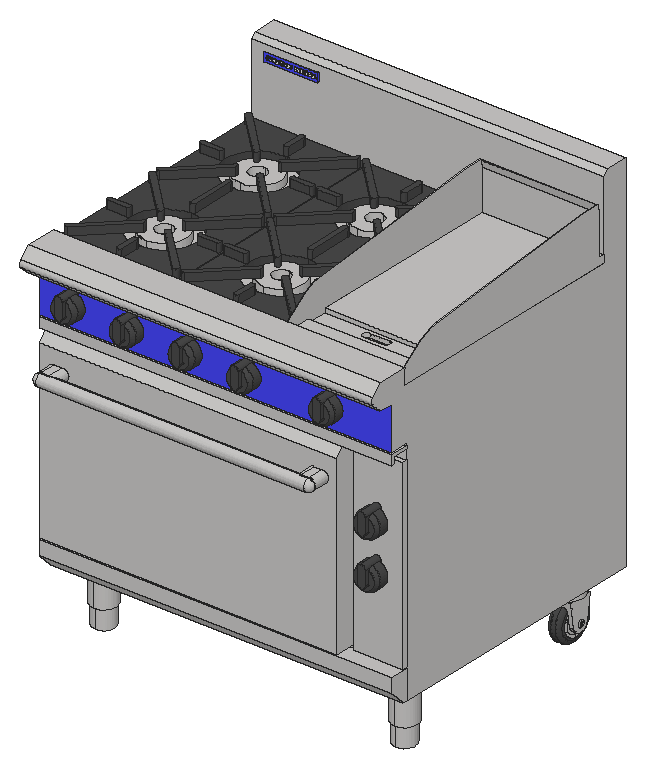
Revit family "QF_MOFFAT_BLUESEAL_CE_GE506C", category Specialty Equipment, Revit 2012 (continued)
Automatic sketch dimensions
  Extrusion 1 sketch curve to Extrusion 1 sketch curve = 25 mm
  plane 18 to Extrusion 1 sketch curve = 85 mm
  level to Extrusion 1 sketch curve = 150 mm
  Extrusion 1 sketch curve to Extrusion 1 sketch curve = 8.494 mm
  plane 21 to Extrusion 2 sketch curve = 44 mm
  plane 21 to Extrusion 2 sketch curve = 20 mm
  Extrusion 2 sketch curve to plane 21 = 6 mm
  level to Extrusion 2 sketch curve = 227.5 mm
  plane 18 to Extrusion 2 sketch curve = 21 mm
  plane 18 to Extrusion 2 sketch curve = 45 mm
  plane 21 to Extrusion 3 sketch curve = 9 mm
  Extrusion 3 sketch curve to plane 21 = 6 mm
  level to Extrusion 3 sketch curve = 227.5 mm
  plane 18 to Extrusion 3 sketch curve = 45 mm
  Revolve 4 sketch curve to level = 0 mm
  Revolve 4 sketch curve to plane 21 = 48.25 mm
  Revolve 4 sketch curve to Revolve 4 sketch curve = 4.25 mm
  Revolve 4 sketch curve to Revolve 4 sketch curve = 27.5 mm  (x2)
  level to Revolve 4 sketch curve = 50 mm
  Revolve 4 sketch curve to Revolve 4 sketch curve = 0 mm
  Revolve 4 sketch curve to Revolve 4 sketch curve = 100 mm
  Revolve 4 sketch curve to Revolve 4 sketch curve = 55 mm
  Revolve 5 sketch curve to level = 0 mm
  Revolve 5 sketch curve to plane 21 = 48.25 mm
  Revolve 5 sketch curve to Revolve 5 sketch curve = 4.25 mm
  Revolve 5 sketch curve to Revolve 5 sketch curve = 27.5 mm  (x2)
  Revolve 5 sketch curve to level = 55 mm
  Revolve 5 sketch curve to Revolve 5 sketch curve = 50 mm
  Revolve 5 sketch curve to Revolve 5 sketch curve = 0 mm
  Revolve 5 sketch curve to Revolve 5 sketch curve = 100 mm
  Extrusion 6 sketch curve to plane 17 = 0 mm
  Extrusion 6 sketch curve to plane 16 = 64.5 mm
  Revolve 7 sketch curve to plane 5 "FRONT" = 19 mm
  Revolve 7 sketch curve to Revolve 7 sketch curve = 0 mm  (x2)
  Revolve 7 sketch curve to Revolve 7 sketch curve = 11 mm
  Revolve 7 sketch curve to Revolve 7 sketch curve = 12.7 mm
  Revolve 7 sketch curve to Revolve 7 sketch curve = 23 mm
  Revolve 7 sketch curve to Revolve 7 sketch curve = 10 mm
  plane 18 to Revolve 7 sketch curve = 141.882 mm
  Revolve 7 sketch curve to Revolve 7 sketch curve = 5 mm
  Revolve 7 sketch curve to Revolve 7 sketch curve = 26.651 mm
  Revolve 7 sketch curve to Revolve 7 sketch curve = 5.849 mm
  Revolve 8 sketch curve to plane 5 "FRONT" = 19 mm
  Revolve 8 sketch curve to Revolve 8 sketch curve = 0 mm  (x2)
  Revolve 8 sketch curve to Revolve 8 sketch curve = 11 mm
  Revolve 8 sketch curve to Revolve 8 sketch curve = 12.7 mm
  Revolve 8 sketch curve to Revolve 8 sketch curve = 23 mm
  Revolve 8 sketch curve to Revolve 8 sketch curve = 10 mm
  Revolve 8 sketch curve to plane 6 "TOP" = 140.618 mm
  Revolve 8 sketch curve to Revolve 8 sketch curve = 5.849 mm
  Revolve 8 sketch curve to Revolve 8 sketch curve = 27.5 mm
  Revolve 8 sketch curve to Revolve 8 sketch curve = 5 mm
  Revolve 9 sketch curve to plane 5 "FRONT" = 19 mm
  Revolve 9 sketch curve to Revolve 9 sketch curve = 0 mm  (x2)
  Revolve 9 sketch curve to Revolve 9 sketch curve = 11 mm
  Revolve 9 sketch curve to Revolve 9 sketch curve = 12.7 mm
  Revolve 9 sketch curve to Revolve 9 sketch curve = 23 mm
  Revolve 9 sketch curve to Revolve 9 sketch curve = 10 mm
  Revolve 9 sketch curve to plane 6 "TOP" = 140.618 mm
  Revolve 9 sketch curve to Revolve 9 sketch curve = 5.849 mm
  Revolve 9 sketch curve to Revolve 9 sketch curve = 27.5 mm
  Revolve 9 sketch curve to Revolve 9 sketch curve = 5 mm
  Revolve 10 sketch curve to plane 5 "FRONT" = 19 mm
  Revolve 10 sketch curve to Revolve 10 sketch curve = 0 mm  (x2)
  Revolve 10 sketch curve to Revolve 10 sketch curve = 11 mm
  Revolve 10 sketch curve to Revolve 10 sketch curve = 12.7 mm
  Revolve 10 sketch curve to Revolve 10 sketch curve = 23 mm
  Revolve 10 sketch curve to Revolve 10 sketch curve = 10 mm
  Revolve 10 sketch curve to plane 6 "TOP" = 140.618 mm
  Revolve 10 sketch curve to Revolve 10 sketch curve = 5.849 mm
  Revolve 10 sketch curve to Revolve 10 sketch curve = 27.5 mm
  Revolve 10 sketch curve to Revolve 10 sketch curve = 5 mm
  plane 14 to Extrusion 11 sketch curve = 26.156 mm
  Extrusion 11 sketch curve to Extrusion 11 sketch curve = 10 mm
  Extrusion 11 sketch curve to plane 6 "TOP" = 146.118 mm
  Extrusion 11 sketch curve to Extrusion 11 sketch curve = 35 mm
  Extrusion 12 sketch curve to plane 9 = 29.844 mm
  Extrusion 12 sketch curve to Extrusion 12 sketch curve = 10 mm
  Extrusion 12 sketch curve to plane 6 "TOP" = 146.118 mm
  Extrusion 12 sketch curve to Extrusion 12 sketch curve = 35 mm
  Extrusion 13 sketch curve to plane 16 = 94.007 mm
  Extrusion 13 sketch curve to Extrusion 13 sketch curve = 10 mm
  plane 18 to Extrusion 13 sketch curve = 133.882 mm
  Extrusion 13 sketch curve to Extrusion 13 sketch curve = 35 mm
  Extrusion 14 sketch curve to plane 7 "Center Y" = 49.868 mm
  Extrusion 14 sketch curve to Extrusion 14 sketch curve = 10 mm
  Extrusion 14 sketch curve to plane 6 "TOP" = 146.118 mm
  Extrusion 14 sketch curve to Extrusion 14 sketch curve = 35 mm
  plane 7 "Center Y" to Extrusion 15 sketch curve = 100.132 mm
  Extrusion 15 sketch curve to Extrusion 15 sketch curve = 10 mm
  Extrusion 15 sketch curve to plane 6 "TOP" = 146.118 mm
  Extrusion 15 sketch curve to Extrusion 15 sketch curve = 35 mm
  plane 21 to Revolve 16 sketch curve = 53 mm
  Revolve 16 sketch curve to Revolve 16 sketch curve = 0 mm  (x2)
  Revolve 16 sketch curve to Revolve 16 sketch curve = 11 mm
  Revolve 16 sketch curve to Revolve 16 sketch curve = 12.7 mm
  plane 21 to Revolve 16 sketch curve = 19 mm
  plane 21 to Revolve 16 sketch curve = 9 mm
  Revolve 16 sketch curve to plane 18 = 103.743 mm
  Revolve 16 sketch curve to Revolve 16 sketch curve = 5 mm
  Revolve 16 sketch curve to Revolve 16 sketch curve = 26.651 mm
  Revolve 16 sketch curve to Revolve 16 sketch curve = 5.849 mm
  Extrusion 17 sketch curve to plane 16 = 7.156 mm
  plane 16 to Extrusion 17 sketch curve = 2.844 mm
  Extrusion 17 sketch curve to plane 18 = 111.743 mm
  Extrusion 17 sketch curve to Extrusion 17 sketch curve = 35 mm
  plane 21 to Extrusion 18 sketch curve = 44 mm
  level to Extrusion 18 sketch curve = 227.5 mm
  plane 5 "FRONT" to Extrusion 18 sketch curve = 406.847 mm
  plane 1 "BACK" to Extrusion 19 sketch curve = 0 mm
  Extrusion 19 sketch curve to plane 17 = 7 mm
  Extrusion 19 sketch curve to plane 16 = 140.5 mm
  plane 19 to Extrusion 19 sketch curve = 13 mm
  Extrusion 19 sketch curve to Extrusion 19 sketch curve = 50 mm
  Extrusion 19 sketch curve to plane 16 = 10.5 mm
  Revolve 20 sketch curve to plane 5 "FRONT" = 19 mm
  Revolve 20 sketch curve to Revolve 20 sketch curve = 0 mm  (x2)
  Revolve 20 sketch curve to Revolve 20 sketch curve = 11 mm
  Revolve 20 sketch curve to Revolve 20 sketch curve = 12.7 mm
  Revolve 20 sketch curve to Revolve 20 sketch curve = 23 mm
  Revolve 20 sketch curve to Revolve 20 sketch curve = 10 mm
  Revolve 20 sketch curve to plane 6 "TOP" = 140.618 mm
  Revolve 20 sketch curve to Revolve 20 sketch curve = 5.849 mm
  Revolve 20 sketch curve to Revolve 20 sketch curve = 27.5 mm
  Revolve 20 sketch curve to Revolve 20 sketch curve = 5 mm
  Extrusion 21 sketch curve to plane 11 = 1.472 mm
  Extrusion 21 sketch curve to plane 18 = 46.875 mm  (x2)
  Extrusion 21 sketch curve to Extrusion 21 sketch curve = 15 mm  (x2)
  Extrusion 21 sketch curve to plane 16 = 131.743 mm
  Extrusion 21 sketch curve to Extrusion 21 sketch curve = 20.282 mm  (x2)
  Revolve 22 sketch curve to plane 3 "LEFT" = 6.961 mm
  plane 3 "LEFT" to Revolve 22 sketch curve = 23.246 mm
  Revolve 22 sketch curve to plane 18 = 16.875 mm
  Revolve 22 sketch curve to Revolve 22 sketch curve = 15 mm
  Revolve 22 sketch curve to plane 18 = 31.875 mm
  plane 7 "Center Y" to Revolve 22 sketch curve = 138.039 mm
  Revolve 22 sketch curve to plane 16 = 111.461 mm
  plane 21 to Extrusion 23 sketch curve = 44 mm
  Extrusion 23 sketch curve to Extrusion 23 sketch curve = 6.387 mm
  Extrusion 23 sketch curve to Extrusion 23 sketch curve = 8.776 mm
  Extrusion 23 sketch curve to plane 21 = 4.07 mm
  plane 18 to Extrusion 23 sketch curve = 55 mm
  Extrusion 23 sketch curve to Extrusion 23 sketch curve = 16.999 mm
  Extrusion 23 sketch curve to Extrusion 23 sketch curve = 7.004 mm
  plane 21 to Extrusion 24 sketch curve = 44 mm
  plane 21 to Extrusion 24 sketch curve = 8 mm
  Extrusion 24 sketch curve to plane 21 = 6 mm
  level to Extrusion 24 sketch curve = 150 mm
  Extrusion 24 sketch curve to Extrusion 24 sketch curve = 36 mm
  Extrusion 24 sketch curve to Extrusion 24 sketch curve = 36.5 mm
  Extrusion 25 sketch curve to plane 19 = 0 mm
  Extrusion 25 sketch curve to plane 19 = 19.393 mm
  Extrusion 25 sketch curve to plane 19 = 31.75 mm
  plane 19 to Extrusion 25 sketch curve = 19.393 mm
  plane 19 to Extrusion 25 sketch curve = 31.75 mm
  level to Extrusion 25 sketch curve = 45.111 mm
  Extrusion 25 sketch curve to Extrusion 25 sketch curve = 4.889 mm
  Extrusion 25 sketch curve to Extrusion 25 sketch curve = 64.889 mm
  Revolve 26 sketch curve to plane 19 = 0 mm  (x2)
  Revolve 26 sketch curve to plane 19 = 35.75 mm
  Revolve 26 sketch curve to level = 55 mm
  level to Revolve 26 sketch curve = 50 mm
  Revolve 26 sketch curve to Revolve 26 sketch curve = 60 mm
  Revolve 26 sketch curve to Revolve 26 sketch curve = 40 mm
  Revolve 27 sketch curve to plane 19 = 0 mm  (x2)
  Revolve 27 sketch curve to plane 19 = 35.75 mm
  level to Revolve 27 sketch curve = 150 mm
  Revolve 27 sketch curve to Revolve 27 sketch curve = 40 mm
  level to Revolve 27 sketch curve = 50 mm
  Revolve 27 sketch curve to level = 55 mm
  Revolve 28 sketch curve to plane 16 = 34.382 mm
  Revolve 28 sketch curve to Revolve 28 sketch curve = 1.27 mm  (x4)
  Revolve 28 sketch curve to Revolve 28 sketch curve = 1.524 mm  (x2)
  Revolve 28 sketch curve to Revolve 28 sketch curve = 12.146 mm  (x2)
  Revolve 28 sketch curve to plane 16 = 16.68 mm
  Revolve 28 sketch curve to Revolve 28 sketch curve = 0.794 mm  (x2)
  Revolve 28 sketch curve to Revolve 28 sketch curve = 3.57 mm
  Revolve 28 sketch curve to Revolve 28 sketch curve = 2.143 mm
  Revolve 28 sketch curve to plane 16 = 6.361 mm
  plane 16 to Revolve 28 sketch curve = 5.13 mm
  plane 16 to Revolve 28 sketch curve = 6.339 mm
  plane 16 to Revolve 28 sketch curve = 14.515 mm
  Revolve 28 sketch curve to Revolve 28 sketch curve = 1.349 mm  (x2)
  Revolve 28 sketch curve to Revolve 28 sketch curve = 3.556 mm
  Revolve 28 sketch curve to plane 4 "RIGHT" = 2.18 mm
  level to Revolve 28 sketch curve = 50.8 mm
  Revolve 28 sketch curve to Revolve 28 sketch curve = 0 mm
  Revolve 28 sketch curve to Revolve 28 sketch curve = 3.505 mm  (x2)
  Revolve 28 sketch curve to Revolve 28 sketch curve = 3.447 mm  (x2)
  Revolve 28 sketch curve to Revolve 28 sketch curve = 9.964 mm
  Revolve 28 sketch curve to Revolve 28 sketch curve = 10.045 mm
  Revolve 28 sketch curve to Revolve 28 sketch curve = 2.053 mm
  Revolve 28 sketch curve to Revolve 28 sketch curve = 2.061 mm
  Revolve 28 sketch curve to Revolve 28 sketch curve = 8.247 mm
  Revolve 28 sketch curve to Revolve 28 sketch curve = 8.336 mm
  Revolve 28 sketch curve to Revolve 28 sketch curve = 6.35 mm  (x2)
  Extrusion 29 sketch curve to plane 19 = 0 mm
  Extrusion 29 sketch curve to plane 19 = 19.393 mm
  Extrusion 29 sketch curve to plane 19 = 31.75 mm
  plane 19 to Extrusion 29 sketch curve = 19.393 mm
  plane 19 to Extrusion 29 sketch curve = 31.75 mm
  level to Extrusion 29 sketch curve = 45.111 mm
  Extrusion 29 sketch curve to Extrusion 29 sketch curve = 4.889 mm
  Extrusion 29 sketch curve to Extrusion 29 sketch curve = 64.889 mm
  Revolve 30 sketch curve to level = 0 mm
  Revolve 30 sketch curve to plane 19 = 0 mm  (x2)
  Revolve 30 sketch curve to Revolve 30 sketch curve = 27.5 mm
  Revolve 30 sketch curve to Revolve 30 sketch curve = 31.75 mm
  Revolve 30 sketch curve to level = 55 mm
  Revolve 30 sketch curve to Revolve 30 sketch curve = 50 mm
  Revolve 30 sketch curve to Revolve 30 sketch curve = 0 mm
  Revolve 30 sketch curve to Revolve 30 sketch curve = 100 mm
  Revolve 31 sketch curve to level = 0 mm
  Revolve 31 sketch curve to plane 19 = 0 mm  (x2)
  Revolve 31 sketch curve to Revolve 31 sketch curve = 27.5 mm
  Revolve 31 sketch curve to Revolve 31 sketch curve = 31.75 mm
  level to Revolve 31 sketch curve = 50 mm
  Revolve 31 sketch curve to Revolve 31 sketch curve = 0 mm
  Revolve 31 sketch curve to Revolve 31 sketch curve = 100 mm
  Revolve 31 sketch curve to Revolve 31 sketch curve = 55 mm
  plane 14 to Revolve 32 sketch curve = 25.382 mm
  Revolve 32 sketch curve to Revolve 32 sketch curve = 1.27 mm  (x4)
  Revolve 32 sketch curve to Revolve 32 sketch curve = 1.524 mm  (x2)
  plane 14 to Revolve 32 sketch curve = 10.442 mm
  plane 14 to Revolve 32 sketch curve = 7.68 mm
  Revolve 32 sketch curve to Revolve 32 sketch curve = 0.794 mm  (x2)
  Revolve 32 sketch curve to Revolve 32 sketch curve = 3.57 mm
  Revolve 32 sketch curve to Revolve 32 sketch curve = 2.143 mm
  Revolve 32 sketch curve to plane 14 = 2.639 mm
  Revolve 32 sketch curve to plane 11 = 0.13 mm
  Revolve 32 sketch curve to plane 11 = 1.339 mm
  Revolve 32 sketch curve to plane 11 = 9.515 mm
  Revolve 32 sketch curve to Revolve 32 sketch curve = 1.349 mm  (x2)
  Revolve 32 sketch curve to Revolve 32 sketch curve = 3.556 mm
  Revolve 32 sketch curve to Revolve 32 sketch curve = 12.146 mm
  Revolve 32 sketch curve to plane 3 "LEFT" = 2.68 mm
  level to Revolve 32 sketch curve = 101.6 mm
  Revolve 32 sketch curve to Revolve 32 sketch curve = 6.35 mm  (x4)
  Revolve 32 sketch curve to Revolve 32 sketch curve = 8.247 mm
  Revolve 32 sketch curve to Revolve 32 sketch curve = 8.336 mm
  Revolve 32 sketch curve to Revolve 32 sketch curve = 2.061 mm
  Revolve 32 sketch curve to Revolve 32 sketch curve = 2.053 mm
  Revolve 32 sketch curve to Revolve 32 sketch curve = 10.045 mm
  Revolve 32 sketch curve to Revolve 32 sketch curve = 9.964 mm
  Revolve 32 sketch curve to Revolve 32 sketch curve = 3.447 mm  (x2)
  Revolve 32 sketch curve to Revolve 32 sketch curve = 3.505 mm
  plane 21 to Extrusion 33 sketch curve = 0 mm
  Extrusion 33 sketch curve to plane 21 = 3 mm  (x2)
  plane 10 to Extrusion 33 sketch curve = 36.504 mm
  plane 12 to Extrusion 33 sketch curve = 67.472 mm
  plane 19 to Extrusion 33 sketch curve = 26 mm  (x2)
  Extrusion 33 sketch curve to Extrusion 33 sketch curve = 3 mm
  plane 14 to Extrusion 33 sketch curve = 76 mm  (x2)
  plane 9 to Extrusion 33 sketch curve = 17 mm
  Extrusion 34 sketch curve to Extrusion 33 = 19.102 mm  (x4)
  Extrusion 34 sketch curve to Extrusion 34 sketch curve = 4.525 mm  (x32)
  Extrusion 34 sketch curve to Extrusion 33 = 27.593 mm  (x2)
  Extrusion 34 sketch curve to Extrusion 34 sketch curve = 48.456 mm  (x10)
  Extrusion 34 sketch curve to Extrusion 34 sketch curve = 50.976 mm  (x2)
  Extrusion 34 sketch curve to Extrusion 34 sketch curve = 0 mm  (x11)
  Extrusion 34 sketch curve to Extrusion 33 = 9.908 mm  (x2)
  Extrusion 34 sketch curve to Extrusion 34 sketch curve = 27.39 mm  (x3)
  Extrusion 34 sketch curve to Extrusion 34 sketch curve = 6.4 mm  (x14)
  Extrusion 34 sketch curve to Extrusion 34 sketch curve = 20.658 mm  (x4)
  Extrusion 34 sketch curve to Extrusion 34 sketch curve = 55.923 mm  (x2)
  Extrusion 34 sketch curve to Extrusion 33 = 5.102 mm  (x4)
  Extrusion 34 sketch curve to Extrusion 34 sketch curve = 128.581 mm  (x3)
  Extrusion 34 sketch curve to Extrusion 33 = 6.102 mm  (x2)
  Extrusion 33 to Extrusion 34 sketch curve = 6.102 mm  (x3)
  Extrusion 33 to Extrusion 34 sketch curve = 15.153 mm
  Extrusion 34 sketch curve to Extrusion 34 sketch curve = 12.205 mm  (x4)
  Extrusion 34 sketch curve to Extrusion 33 = 15.153 mm  (x2)
  Extrusion 34 sketch curve to Extrusion 34 sketch curve = 112.454 mm  (x2)
  Extrusion 34 sketch curve to Extrusion 34 sketch curve = 59.673 mm  (x2)
  Extrusion 34 sketch curve to Extrusion 34 sketch curve = 17.024 mm  (x3)
  Extrusion 34 sketch curve to Extrusion 34 sketch curve = 46.847 mm  (x4)
  Extrusion 34 sketch curve to Extrusion 34 sketch curve = 62.169 mm  (x2)
  Extrusion 34 sketch curve to Extrusion 33 = 36.153 mm  (x3)
  Extrusion 34 sketch curve to Extrusion 33 = 23.4 mm  (x2)
  Extrusion 34 sketch curve to Extrusion 33 = 9.156 mm  (x2)
  Extrusion 34 sketch curve to Extrusion 34 sketch curve = 55.413 mm  (x5)
  Extrusion 34 sketch curve to Extrusion 34 sketch curve = 20.524 mm  (x6)
  Extrusion 34 sketch curve to Extrusion 34 sketch curve = 53.847 mm  (x8)
  Extrusion 33 to Extrusion 34 sketch curve = 9.908 mm  (x2)
  Extrusion 34 sketch curve to Extrusion 34 sketch curve = 55.661 mm  (x3)
  Extrusion 34 sketch curve to Extrusion 34 sketch curve = 128.447 mm  (x3)
  Extrusion 35 sketch curve to Extrusion 35 sketch curve = 0 mm  (x8)
  Extrusion 35 sketch curve to plane 7 "Center Y" = 0 mm  (x2)
  plane 12 to Extrusion 35 sketch curve = 67.472 mm  (x2)
  plane 10 to Extrusion 35 sketch curve = 36.772 mm  (x2)
  plane 14 to Extrusion 35 sketch curve = 76 mm  (x2)
  curve 23 to curve 24 = 0 mm  (x2)
  curve 23 to curve 27 = 0 mm  (x2)
  curve 23 to curve 28 = 0 mm  (x2)
  curve 24 to curve 27 = 0 mm  (x2)
  curve 24 to curve 28 = 0 mm  (x2)
  curve 25 to curve 26 = 0 mm  (x2)
  curve 27 to curve 28 = 0 mm  (x2)
  curve 37 to curve 38 = 0 mm  (x2)
  curve 37 to curve 39 = 0 mm  (x2)
  curve 37 to curve 40 = 0 mm  (x2)
  curve 37 to curve 41 = 0 mm  (x2)
  curve 37 to curve 42 = 0 mm  (x2)
  curve 38 to curve 39 = 0 mm  (x2)
  curve 38 to curve 40 = 0 mm  (x2)
  curve 38 to curve 41 = 0 mm  (x2)
  curve 38 to curve 42 = 0 mm  (x2)
  curve 39 to curve 40 = 0 mm  (x2)
  curve 39 to curve 41 = 0 mm  (x2)
  curve 39 to curve 42 = 0 mm  (x2)
  curve 40 to curve 41 = 0 mm  (x2)
  curve 40 to curve 42 = 0 mm  (x2)
  curve 41 to curve 42 = 0 mm  (x2)
  curve 45 to curve 46 = 0 mm  (x2)
  curve 45 to curve 47 = 0 mm  (x2)
  curve 45 to curve 48 = 0 mm  (x2)
  curve 46 to curve 47 = 0 mm  (x2)
  curve 46 to curve 48 = 0 mm  (x2)
  curve 47 to curve 48 = 0 mm  (x2)
  curve 49 to curve 50 = 0 mm  (x2)
  curve 51 to curve 52 = 0 mm  (x2)
  curve 51 to curve 53 = 0 mm  (x2)
  curve 51 to curve 54 = 0 mm  (x2)
  curve 51 to curve 55 = 0 mm  (x2)
  curve 51 to curve 56 = 0 mm  (x2)
  curve 52 to curve 53 = 0 mm  (x2)
  curve 52 to curve 54 = 0 mm  (x2)
  curve 52 to curve 55 = 0 mm  (x2)
  curve 52 to curve 56 = 0 mm  (x2)
  curve 53 to curve 54 = 0 mm  (x2)
  curve 53 to curve 55 = 0 mm  (x2)
  curve 53 to curve 56 = 0 mm  (x2)
  curve 54 to curve 55 = 0 mm  (x2)
  curve 54 to curve 56 = 0 mm  (x2)
  curve 55 to curve 56 = 0 mm  (x2)
  curve 45 to plane 7 "Center Y" = 0 mm
  curve 56 to plane 7 "Center Y" = 0 mm
  curve 50 to plane 7 "Center Y" = 0 mm
  plane 12 to curve 42 = 45.472 mm
  plane 14 to curve 42 = 76 mm
  plane 14 to curve 28 = 76 mm
  curve 26 to curve 23 = 0 mm
  plane 12 to curve 55 = 45.472 mm
  curve 39 to curve 41 = 22 mm
  curve 53 to curve 55 = 22 mm
  curve 53 to curve 55 = 35 mm
  curve 39 to curve 41 = 35 mm
  curve 38 to curve 39 = 28 mm
  curve 52 to curve 53 = 28 mm
  curve 49 to plane 8 "Center X" = 46.768 mm
  curve 26 to plane 8 "Center X" = 46.768 mm
  curve 49 to curve 46 = 27.732 mm
  curve 25 to curve 23 = 27.732 mm
  curve 23 to curve 27 = 35 mm
  curve 45 to curve 47 = 35 mm
  curve 27 to curve 24 = 22 mm
  curve 47 to curve 47 = 22 mm
  curve 23 to curve 25 = 0.268 mm
  curve 45 to curve 49 = 0.268 mm
  Extrusion 36 sketch curve to plane 7 "Center Y" = 0 mm  (x2)
  plane 21 to Extrusion 36 sketch curve = 0 mm
  Extrusion 36 sketch curve to plane 21 = 3 mm  (x2)
  plane 10 to Extrusion 36 sketch curve = 36.504 mm
  plane 12 to Extrusion 36 sketch curve = 67.472 mm
  plane 19 to Extrusion 36 sketch curve = 26 mm  (x2)
  Extrusion 36 sketch curve to Extrusion 36 sketch curve = 3 mm
  plane 9 to Extrusion 36 sketch curve = 23 mm
  Split face 1 sketch curve to cut or joined group of Extrusion 1, Extrusion 19 = 27.115 mm
  Split face 1 sketch curve to cut or joined group of Extrusion 1, Extrusion 19 = 273.455 mm
  Split face 1 sketch curve to Split face 1 sketch curve = 4.041 mm  (x4)
  Split face 1 sketch curve to Split face 1 sketch curve = 8.66 mm  (x2)
  Split face 1 sketch curve to cut or joined group of Extrusion 1, Extrusion 19 = 12.115 mm
  Split face 1 sketch curve to cut or joined group of Extrusion 1, Extrusion 19 = 36.836 mm
  Split face 1 sketch curve to Split face 1 sketch curve = 7 mm  (x3)
  Split face 1 sketch curve to Split face 1 sketch curve = 17 mm
  Split face 2 sketch curve to cut or joined group of Extrusion 1, Extrusion 19 = 27.115 mm
  Split face 2 sketch curve to cut or joined group of Extrusion 1, Extrusion 19 = 326.545 mm
  Split face 2 sketch curve to Split face 2 sketch curve = 4.041 mm  (x4)
  Split face 2 sketch curve to Split face 2 sketch curve = 8.66 mm  (x2)
  Split face 2 sketch curve to cut or joined group of Extrusion 1, Extrusion 19 = 12.115 mm
  Split face 2 sketch curve to Split face 2 sketch curve = 223.917 mm
  Split face 2 sketch curve to Split face 2 sketch curve = 7 mm  (x3)
  Split face 2 sketch curve to Split face 2 sketch curve = 17 mm
  Split face 3 sketch curve to cut or joined group of Extrusion 1, Extrusion 19 = 26.545 mm
  Split face 3 sketch curve to Split face 3 sketch curve = 4.041 mm  (x4)
  Split face 3 sketch curve to Split face 3 sketch curve = 8.66 mm  (x2)
  Split face 3 sketch curve to cut or joined group of Extrusion 1, Extrusion 19 = 22.115 mm
  Split face 3 sketch curve to Split face 3 sketch curve = 223.917 mm
  Split face 3 sketch curve to cut or joined group of Extrusion 1, Extrusion 19 = 17.115 mm
  Split face 3 sketch curve to Split face 3 sketch curve = 10 mm
  Split face 3 sketch curve to Split face 3 sketch curve = 7 mm  (x3)
  plane 21 to Revolve 38 sketch curve = 53 mm
  Revolve 38 sketch curve to Revolve 38 sketch curve = 0 mm  (x2)
  Revolve 38 sketch curve to Revolve 38 sketch curve = 11 mm
  Revolve 38 sketch curve to Revolve 38 sketch curve = 12.7 mm
  plane 21 to Revolve 38 sketch curve = 19 mm
  plane 21 to Revolve 38 sketch curve = 9 mm
  Revolve 38 sketch curve to plane 18 = 223.743 mm
  Revolve 38 sketch curve to Revolve 38 sketch curve = 5 mm
  Revolve 38 sketch curve to Revolve 38 sketch curve = 26.651 mm
  Revolve 38 sketch curve to Revolve 38 sketch curve = 5.849 mm
  Extrusion 39 sketch curve to plane 16 = 7.156 mm
  plane 16 to Extrusion 39 sketch curve = 2.844 mm
  Extrusion 39 sketch curve to plane 18 = 231.743 mm
  Extrusion 39 sketch curve to Extrusion 39 sketch curve = 35 mm
  radius of Extrusion 6 sketch curve = 10 mm
  radius of Extrusion 33 sketch curve = 85 mm  (x2)
  radius of Extrusion 35 sketch curve = 57 mm  (x4)
  radius of Extrusion 35 sketch curve = 22 mm  (x4)
  radius of Extrusion 36 sketch curve = 85 mm  (x2)
  radius of Extrusion 37 sketch curve = 6.35 mm
Nested families
  nested 1: "WALDORF LOGO_FACE BASE" at (32, -70, 1056.385) x (1, 0, 0) z (0, -1, 0), visible <- "Show Logo", type "WALDORF LOGO_FACE BASE", detail levels medium+fine
    with Show Logo yes
  nested 2: "GAS GRIDDLE PLATE 300" at (600, -85, 875), type "GAS GRIDDLE PLATE 300"
    with Width 300 mm, Type Mark "", Status "", Specification by User "", Revision Code "", Item Number "", Installed By "", Identify Quantity as Lot yes, Furnished By "", Foodservice Equipment Identifier yes, Depth 620 mm
Connectors
  piping at (770, -32, 655)
    settings: on Extrusion 6, index 4, connector radius 0.37402", flow factor 0, pipe flow 0 GPM, pressure drop 0.00 psi, fitting loss kfactor 0, connector angle 0.00°, fixture units 0, engagement length 0 mm, flow configuration 1, flow direction 1, fitting loss method 0, system type 7, joint type 0, gender type 0, connector reference index -1, connector utility 0, adjustable connector no, is connector primary yes, fitting loss table "", connector description "GAS CONNECTION"
  electrical at (826, -501, 147.817), driven by "Volts", driven by "Watts"
    settings: on Extrusion 37, index 5, voltage 400 V, apparent load 6500 VA, apparent load phase1 0 VA, apparent load phase2 0 VA, apparent load phase3 0 VA, power factor 1, load classification "Other", number of poles 1, system type 30, power factor state 1, is connector primary yes, connector utility no, sub classification motor no, connector description "ELECTRICAL CONNECTION"
Definition of nested family "WALDORF LOGO_FACE BASE"
  Parameters (values of type "WALDORF LOGO_FACE BASE")
    Show Logo [instance] = yes
    Default Elevation = 1219.2 mm
  Reference planes
    plane 1 "Center (Front/Back)": y = 0
    plane 2: z = 0
    plane 3 "Center (Left/Right)": x = 0
  Forms (mm)
    Extrusion 1, solid
      sketch origin (0, 0, 0) x (1, 0, 0) y (0, 1, 0)
        loop
          line (-1219.2, 1219.2) -> (-1219.2, -1219.2) -> (1219.2, -1219.2) -> (1219.2, 1219.2) -> (-1219.2, 1219.2)
      from 0 to -304.8
    Extrusion 2, solid, material "QF_Finishes_Blue", visible <- "Show Logo"
      sketch origin (0, -33.217, 0) x (1, 0, 0) y (0, 1, 0)
        loop
          arc (138, 31.942) -> (137.626, 32.844) -> (136.724, 33.217) r 1.276
          line (136.724, 33.217) -> (1.29, 33.217)
          arc (1.29, 33.217) -> (0.378, 32.839) -> (0, 31.927) r 1.29
          line (0, 31.927) -> (0, 11.507)
          arc (0, 11.507) -> (0.378, 10.595) -> (1.29, 10.217) r 1.29
          line (1.29, 10.217) -> (136.71, 10.217)
          arc (136.71, 10.217) -> (137.622, 10.595) -> (138, 11.507) r 1.29
          line (138, 11.507) -> (138, 31.942)
      from 0 to 1.588
    Extrusion 3, solid, material "QF_Finishes_White", visible <- "Show Logo"
      sketch origin (0, -33.217, 1.588) x (1, 0, 0) y (0, 1, 0)
        loop
          arc (108.946, 25.919) -> (107.613, 25.367) -> (107.061, 24.034) r 1.885
          line (107.061, 24.034) -> (107.061, 17.211) -> (112.704, 17.211) -> (112.704, 19.129) -> (115.546, 19.129) -> (115.546, 17.211) -> (121.584, 17.211) -> (121.584, 24.075)
          arc (121.584, 24.075) -> (121.043, 25.379) -> (119.739, 25.919) r 1.845
          line (119.739, 25.919) -> (108.946, 25.919)
        loop
          line (123.478, 25.919) -> (123.478, 17.163) -> (134.904, 17.163) -> (134.904, 19.129) -> (129.246, 19.129) -> (129.246, 25.919) -> (123.478, 25.919)
        loop
          line (112.704, 21.258) -> (115.546, 21.258) -> (115.546, 22.702)
          arc (115.546, 22.702) -> (115.344, 23.188) -> (114.858, 23.389) r 0.687
          line (114.858, 23.389) -> (113.363, 23.389)
          arc (113.363, 23.389) -> (112.897, 23.196) -> (112.704, 22.73) r 0.658
          line (112.704, 22.73) -> (112.704, 21.258)
        loop
          line (105.071, 25.919) -> (93.771, 25.919) -> (93.771, 17.163) -> (105.071, 17.163) -> (105.071, 19.063) -> (99.535, 19.063) -> (99.535, 20.437) -> (105.071, 20.437) -> (105.071, 22.278) -> (99.535, 22.278) -> (99.535, 23.587) -> (105.071, 23.587) -> (105.071, 25.919)
        loop
          line (91.104, 25.919) -> (79.541, 25.919)
          arc (79.541, 25.919) -> (78.558, 25.513) -> (78.152, 24.53) r 1.389
          line (78.152, 24.53) -> (78.152, 22.08)
          arc (78.152, 22.08) -> (78.558, 21.098) -> (79.541, 20.691) r 1.389
          line (79.541, 20.691) -> (86.346, 20.691) -> (86.346, 18.864) -> (83.266, 18.864) -> (83.266, 19.664) -> (78.152, 19.664) -> (78.152, 18.553)
          arc (78.152, 18.553) -> (78.558, 17.57) -> (79.541, 17.163) r 1.389
          line (79.541, 17.163) -> (91.063, 17.163)
          arc (91.063, 17.163) -> (92.045, 17.57) -> (92.452, 18.553) r 1.389
          line (92.452, 18.553) -> (92.452, 20.691)
          arc (92.452, 20.691) -> (92.045, 21.673) -> (91.063, 22.08) r 1.389
          line (91.063, 22.08) -> (83.266, 22.08) -> (83.266, 23.984) -> (86.346, 23.984) -> (86.346, 22.743) -> (92.452, 22.743) -> (92.452, 24.571)
          arc (92.452, 24.571) -> (92.057, 25.524) -> (91.104, 25.919) r 1.348
        loop
          line (70.705, 25.919) -> (59.405, 25.919) -> (59.405, 17.163) -> (70.705, 17.163) -> (70.705, 19.063) -> (65.169, 19.063) -> (65.169, 20.437) -> (70.705, 20.437) -> (70.705, 22.278) -> (65.169, 22.278) -> (65.169, 23.587) -> (70.705, 23.587) -> (70.705, 25.919)
        loop
          line (57.598, 25.919) -> (51.7, 25.919) -> (51.7, 20.18)
          arc (51.7, 20.18) -> (50.63, 19.11) -> (49.56, 20.18) r 1.07
          line (49.56, 20.18) -> (49.56, 25.919) -> (43.663, 25.919) -> (43.663, 19.049)
          arc (43.663, 19.049) -> (44.215, 17.716) -> (45.548, 17.163) r 1.885
          line (45.548, 17.163) -> (55.71, 17.163)
          arc (55.71, 17.163) -> (57.045, 17.716) -> (57.598, 19.051) r 1.887
          line (57.598, 19.051) -> (57.598, 25.919)
        loop
          line (31.62, 25.919) -> (31.62, 17.163) -> (43.046, 17.163) -> (43.046, 19.129) -> (37.388, 19.129) -> (37.388, 25.919) -> (31.62, 25.919)
        loop
          line (15.969, 25.919) -> (15.969, 17.163) -> (28.693, 17.163)
          arc (28.693, 17.163) -> (29.812, 17.627) -> (30.276, 18.746) r 1.582
          line (30.276, 18.746) -> (30.276, 20.447) -> (29.48, 21.243) -> (30.276, 22.039) -> (30.276, 24.332)
          arc (30.276, 24.332) -> (29.811, 25.454) -> (28.688, 25.919) r 1.587
          line (28.688, 25.919) -> (15.969, 25.919)
        loop
          line (21.449, 24.159) -> (21.449, 22.436) -> (23.862, 22.436)
          arc (23.862, 22.436) -> (24.723, 23.298) -> (23.862, 24.159) r 0.861
          line (23.862, 24.159) -> (21.449, 24.159)
        loop
          line (21.449, 20.244) -> (21.449, 18.522) -> (23.862, 18.522)
          arc (23.862, 18.522) -> (24.723, 19.383) -> (23.862, 20.244) r 0.861
          line (23.862, 20.244) -> (21.449, 20.244)
      from 0 to 0.2
    Extrusion 4, solid, material "QF_Finishes_Blue", visible <- "Show Logo"
      sketch origin (-126.498, -31.09, 1.588) x (1, 0, 0) y (0, 1, 0)
        loop
          line (136.738, 23.522) -> (136.738, 15.1)
          arc (136.738, 15.1) -> (140.756, 19.311) -> (136.738, 23.522) r 4.216
      from 0 to 0.2
    Extrusion 5, solid, material "QF_Finishes_Red", visible <- "Show Logo"
      sketch origin (146.849, -31.09, 1.588) x (-1, 0, 0) y (0, -1, 0)
        loop
          arc (136.738, -23.522) -> (140.756, -19.311) -> (136.738, -15.1) r 4.216
          line (136.738, -15.1) -> (136.738, -23.522)
      from 0 to 0.2
  Lines and regions (mm)
    Split face 1
      outline origin (-90.35, -30.793, 1.588) x (1, 0, 0) y (0, 1, 0)
        loop
          circle (100.54, 19.013) r 4.536
  Dimensions and locks
    aligned and locked: plane 2 to Extrusion 1
    aligned and locked: level to Extrusion 1
Definition of nested family "GAS GRIDDLE PLATE 300"
  Parameters (values of type "GAS GRIDDLE PLATE 300")
    Width [instance] = 300 mm
    Weight in Pounds = 0
    URL Cutsheet = ""
    Type Mark [instance] = ""
    Status [instance] = ""
    Specification by User [instance] = ""
    Specification by Manufacturer = ""
    Serial Number = ""
    Seismic Rating = ""
    SMACNA No = ""
    Revision Code [instance] = ""
    Omniclass Number and Title = ""
    NAFEM Spec ID Number = ""
    Masterspec = ""
    Item Number [instance] = ""
    Installed By [instance] = ""
    Identify Quantity as Lot [instance] = yes
    Furnished By [instance] = ""
    Foodservice Equipment Identifier [instance] = yes
    Depth [instance] = 620 mm
    CSI MasterFormat = ""
    CSI Master Format = ""
  Reference planes
    plane 1 "BACK": y = 0
    plane 2: z = 0
    plane 3 "LEFT": x = 0
    plane 4 "RIGHT": x = 300
    plane 5 "FRONT": y = -620
    plane 6 "TOP": z = 142.5
    plane 7 "Center Y": x = 150
    plane 8 "Center X": y = -310
    plane 9: y = -530.997
    plane 10: y = -541.497
    plane 11: y = -503.25
    plane 12: y = -557.737
  Forms (mm)
    Extrusion 1, solid, material "QF_Finishes_Stainless Steel"
      sketch origin (0, 70.003, -874.5) x (0, 1, 0) y (0, 0, 1)
        loop
          line (-70, 875) -> (-70, 997.489) -> (-75.228, 1017) -> (-117.24, 1017) -> (-589.533, 971.523)
          arc (-589.533, 971.523) -> (-614.56, 965.803) -> (-637.306, 953.899) r 100
          line (-637.306, 953.899) -> (-690.003, 917) -> (-690.003, 875) -> (-70, 875)
      from 0 to 1.8
    Extrusion 2, solid, material "QF_Finishes_Stainless Steel"
      sketch origin (600, 70.003, -874.5) x (0, -1, 0) y (0, 0, 1)
        loop
          line (70, 875) -> (690.003, 875) -> (690.003, 917) -> (637.306, 953.899)
          arc (637.306, 953.899) -> (614.56, 965.803) -> (589.533, 971.523) r 100
          line (589.533, 971.523) -> (117.24, 1017) -> (75.228, 1017) -> (70, 997.489) -> (70, 875)
      from 300 to 301.2
    Extrusion 3, solid, material "QF_Finishes_Stainless Steel"
      sketch origin (150, 70.003, -874.5) x (0, 1, 0) y (0, 0, 1)
        loop
          line (-55, 895) -> (-573.253, 895) -> (-573.253, 884.5) -> (-627.74, 884.5) -> (-627.74, 895) -> (-690.003, 895) -> (-690.003, 875) -> (-55, 875) -> (-55, 895)
      from -148.2 to 150
    Extrusion 4, void
      sketch origin (150, -541.497, 10) x (0, -1, 0) y (1, 0, 0)
        loop
          arc (-7.497, 25) -> (-17.497, 35) -> (-27.497, 25) r 10
          line (-27.497, 25) -> (-27.497, -25)
          arc (-27.497, -25) -> (-17.497, -35) -> (-7.497, -25) r 10
          line (-7.497, -25) -> (-7.497, 25)
      from -41.4 to 40.142
    Extrusion 5, solid, material "QF_Finishes_Stainless Steel"
      sketch origin (0, 70.003, -874.5) x (0, 1, 0) y (0, 0, 1)
        loop
          line (-70, 875) -> (-70, 997.489) -> (-75.228, 1017) -> (-76.884, 1017) -> (-71.6, 997.278) -> (-71.6, 875) -> (-70, 875)
      from 0 to 298.8
  Cuts and joins
    Extrusion 4 cuts Extrusion 3
    joined: Extrusion 1, Extrusion 2, Extrusion 3
  Lines and regions (mm)
    symbolic lines
      curve 1: line (300, -503.25, 0) -> (0, -503.25, 0)
      curve 2: line (0, -557.737, 0) -> (300, -557.737, 0)
      curve 3: line (0, -1.68, 0) -> (300, -1.68, 0)
      curve 4: line (300, -1.68, 0) -> (300, -620, 0)
      curve 5: line (0, -620, 0) -> (0, -1.68, 0)
      curve 6: line (0, -620, 0) -> (300, -620, 0)
      curve 7: arc (175, -534, 0) -> (185, -524, 0) -> (175, -514, 0) r 10
      curve 8: line (175, -514, 0) -> (125, -514, 0)
      curve 9: arc (125, -514, 0) -> (115, -524, 0) -> (125, -534, 0) r 10
      curve 10: line (125, -534, 0) -> (175, -534, 0)
  Dimensions and locks
    equal spacing: plane 3 "LEFT", plane 7 "Center Y", plane 4 "RIGHT"
    "Width": plane 3 "LEFT" to plane 4 "RIGHT"
    equal spacing: plane 5 "FRONT", plane 8 "Center X", plane 1 "BACK"
    "Depth": plane 5 "FRONT" to plane 1 "BACK"
    locked: Extrusion 2 to Extrusion 2 at 1.2
    equal spacing: Extrusion 4 sketch curve, plane 7 "Center Y", Extrusion 4 sketch curve, locked at 35 each
    aligned and locked: level to plane 2
    aligned and locked: Extrusion 2 to plane 4 "RIGHT"
    aligned and locked: curve 1 to plane 11
    aligned and locked: plane 12 to curve 2
    aligned and locked: Extrusion 5 to cut or joined group of Extrusion 1, Extrusion 2, Extrusion 3, Extrusion 4
  Automatic sketch dimensions
    Extrusion 1 sketch curve to plane 5 "FRONT" = 0 mm
    Extrusion 1 sketch curve to plane 6 "TOP" = 0 mm
    plane 12 to Extrusion 1 sketch curve = 9.566 mm
    plane 11 to Extrusion 1 sketch curve = 16.28 mm
    Extrusion 1 sketch curve to level = 2.516 mm
    plane 11 to Extrusion 1 sketch curve = 6.695 mm
    plane 1 "BACK" to Extrusion 1 sketch curve = 47.237 mm
    plane 1 "BACK" to Extrusion 1 sketch curve = 5.225 mm
    Extrusion 1 sketch curve to plane 1 "BACK" = 0.003 mm
    level to Extrusion 1 sketch curve = 0.5 mm
    Extrusion 1 sketch curve to Extrusion 1 sketch curve = 42 mm
    Extrusion 1 sketch curve to plane 6 "TOP" = 63.101 mm
    Extrusion 1 sketch curve to plane 6 "TOP" = 19.511 mm
    Extrusion 2 sketch curve to plane 6 "TOP" = 0 mm
    Extrusion 2 sketch curve to plane 5 "FRONT" = 0 mm
    plane 12 to Extrusion 2 sketch curve = 9.566 mm
    plane 11 to Extrusion 2 sketch curve = 16.28 mm
    Extrusion 2 sketch curve to level = 2.516 mm
    plane 11 to Extrusion 2 sketch curve = 6.695 mm
    plane 1 "BACK" to Extrusion 2 sketch curve = 47.237 mm
    plane 1 "BACK" to Extrusion 2 sketch curve = 5.225 mm
    Extrusion 2 sketch curve to plane 1 "BACK" = 0.003 mm
    level to Extrusion 2 sketch curve = 0.5 mm
    Extrusion 2 sketch curve to Extrusion 2 sketch curve = 42 mm
    Extrusion 2 sketch curve to plane 6 "TOP" = 63.101 mm
    Extrusion 2 sketch curve to plane 6 "TOP" = 19.511 mm
    Extrusion 3 sketch curve to plane 5 "FRONT" = 0 mm
    Extrusion 3 sketch curve to plane 12 = 0 mm
    Extrusion 3 sketch curve to plane 11 = 0 mm
    Extrusion 3 sketch curve to plane 1 "BACK" = 15.003 mm
    level to Extrusion 3 sketch curve = 0.5 mm
    level to Extrusion 3 sketch curve = 10 mm
    Extrusion 3 sketch curve to Extrusion 3 sketch curve = 10.5 mm  (x2)
    plane 11 to Extrusion 4 sketch curve = 10.75 mm
    Extrusion 4 sketch curve to Extrusion 4 sketch curve = 10 mm
    Extrusion 4 sketch curve to plane 7 "Center Y" = 25 mm
    plane 1 "BACK" to Extrusion 5 sketch curve = 5.225 mm
    Extrusion 5 sketch curve to plane 1 "BACK" = 0.003 mm
    Extrusion 5 sketch curve to plane 6 "TOP" = 19.511 mm
    Extrusion 5 sketch curve to Extrusion 5 sketch curve = 1.6 mm
    Extrusion 5 sketch curve to Extrusion 5 sketch curve = 0.211 mm
    Extrusion 5 sketch curve to plane 6 "TOP" = 0 mm
    Extrusion 5 sketch curve to Extrusion 5 sketch curve = 1.656 mm
    level to Extrusion 5 sketch curve = 0.5 mm
    curve 6 to plane 3 "LEFT" = 0 mm
    curve 4 to plane 4 "RIGHT" = 0 mm
    plane 5 "FRONT" to curve 6 = 0 mm
    plane 11 to curve 8 = 10.75 mm
    curve 8 to plane 7 "Center Y" = 25 mm
    plane 7 "Center Y" to curve 7 = 25 mm
    curve 10 to curve 7 = 20 mm
    plane 1 "BACK" to curve 3 = 1.68 mm
